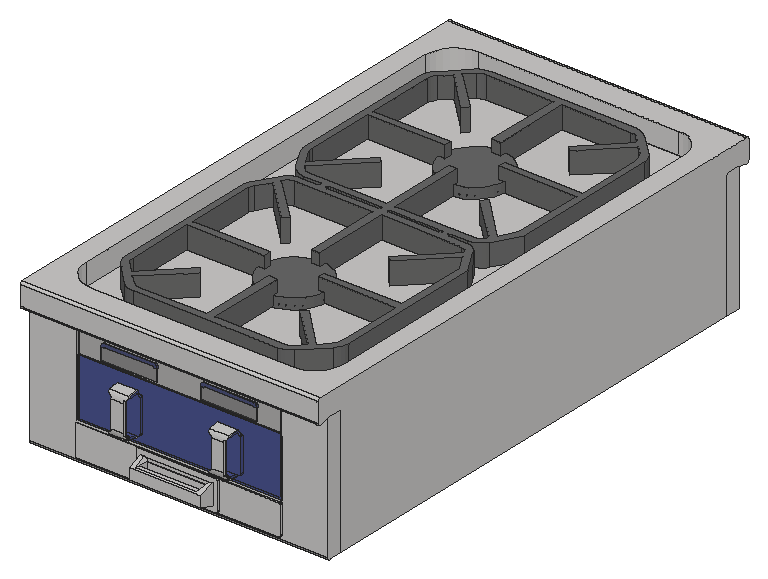
Revit family "QF_ELECTROLUXPROFESSIONAL_593310_MCGHABJOVO", category Specialty Equipment, Revit 2018
Family settings
  Round Connector Dimension = Use Diameter
  Part Type = Normal
  Work Plane-Based = No
  Always vertical = Yes
  Cut with Voids When Loaded = No
  Shared = No
  Room Calculation Point = No
Parameters (values of type "Standard")
  Weight = 82.00 kg
  Watts = 0 W
  Volts = 0 V
  URL Manufacturer = "http://professional.electrolux.com"
  URL = "http://professional.electrolux.com"
  Steam Supply Size = 0"
  Steam Supply Minimum Pressure = 0.00 psi
  Steam Supply Maximum Pressure = 0.00 psi
  Steam Pounds per Hour = 0
  Show Clearance [instance] = yes
  Refrigeration Suction Line Size = 0 mm
  Refrigeration Liquid Line Size = 0 mm
  Refrigerant Compressor Remote = yes
  Phase = 0
  Model = "MCGHABJOVO"
  Manufacturer = "Electrolux Professional"
  Length Actual = 1000 mm  # constant formula
  Item Number = "593310"
  Hot Water Size = 0"
  Height Actual = 250 mm  # constant formula
  HP = "0 HP"
  Gas Size = 1/2"
  Gas KW = 34
  Gas Input Pressure = 3.27142 Btu/h
  Direct Waste Size = 0"
  Description = "GAS TOP,4B,TOWNGAS,1S,BS,1000X900X250H"
  Depth Actual = 900 mm  # constant formula
  Cycle = 0 Hz
  Condensate Return Size = 0"
  Compressed Air Volume = 0 GPM
  Compressed Air Size = 0"
  Compressed Air Pressure = 0.00 psi
  Cold Water Size = 0"
  Back Panel [instance] = yes
  Accessory = yes
Reference planes
  plane 1 "BACK": y = 0
  plane 2: z = 0
  plane 3 "LEFT": x = 0
  plane 4 "RIGHT": x = 500
  plane 5 "FRONT": y = -900
  plane 6 "TOP": z = 250
  plane 7: x = 250
  plane 8: y = -450
  plane 9: z = 370
  plane 10: x = 465
  plane 11: y = -60.425
  plane 12: y = -1330
Forms (mm)
  Extrusion 1, solid, material "QF_Finishes_Stainless Steel"
    sketch origin (0, -487.128, 0) x (0, 1, 0) y (0, 0, 1)
      loop
        line (483.128, 250) -> (-408.872, 250)
        arc (-408.872, 250) -> (-411.7, 248.828) -> (-412.872, 246) r 4
        line (-412.872, 246) -> (-412.872, 214)
        arc (-412.872, 214) -> (-411.437, 210.931) -> (-408.161, 210.064) r 4
        line (-408.161, 210.064) -> (-392.872, 213) -> (-367.872, 213) -> (-367.872, 0) -> (441.714, 0) -> (441.714, 213) -> (465.765, 213) -> (482.433, 210.061)
        arc (482.433, 210.061) -> (485.699, 210.936) -> (487.128, 214) r 4
        line (487.128, 214) -> (487.128, 246)
        arc (487.128, 246) -> (485.956, 248.828) -> (483.128, 250) r 4
    from 0 to 500
  Extrusion 2, solid, material "QF_Finishes_Stainless Steel", visible <- "Back Panel"
    sketch origin (0, 0.586, 0) x (0, 1, 0) y (0, 0, 1)
      loop
        line (-46, 0) -> (-21, 0) -> (-21, 212.833) -> (-21.949, 213) -> (-46, 213) -> (-46, 0)
    from 0 to 500
  Extrusion 3, void
    sketch origin (653.786, 44.048, 250) x (1, 0, 0) y (0, -1, 0)
      loop
        line (-570.234, 89.462) -> (-235.321, 89.462)
        arc (-235.321, 89.462) -> (-200.694, 103.805) -> (-186.351, 138.432) r 48.97
        line (-186.351, 138.432) -> (-186.351, 850.078)
        arc (-186.351, 850.078) -> (-200.694, 884.705) -> (-235.321, 899.048) r 48.97
        line (-235.321, 899.048) -> (-570.234, 899.048)
        arc (-570.234, 899.048) -> (-605.59, 884.403) -> (-620.234, 849.048) r 50
        line (-620.234, 849.048) -> (-620.234, 139.462)
        arc (-620.234, 139.462) -> (-605.59, 104.107) -> (-570.234, 89.462) r 50
    from 0 to 37
  Extrusion 4, solid, material "QF_Finishes_Stainless Steel"
    sketch origin (10, -759, 0) x (1, 0, 0) y (0, -1, 0)
      loop
        circle (455, -169) r 6.35
    from 0 to 3.2
  Extrusion 5, solid, material "QF_Door-Drawer Clearances", visible <- "Show Clearance", detail levels coarse
    sketch origin (-178.969, -4572, 0) x (-1, 0, 0) y (0, -1, 0)
      loop
        line (-257.364, -3689.407) -> (-257.364, -3242) -> (-601.364, -3242) -> (-601.364, -3689.407) -> (-257.364, -3689.407)
    from 8.012 to 59.392
Cuts and joins
  Extrusion 3 cuts Extrusion 1
Lines and regions (mm)
  symbolic lines
    curve 1: line (0, 0, 0) -> (500, 0, 0)
    curve 2: line (0, -900, 0) -> (0, 0, 0)
    curve 3: line (500, -900, 0) -> (0, -900, 0)
    curve 4: line (500, 0, 0) -> (500, -900, 0)
    curve 5: arc (83.552, -855, 0) -> (48.197, -840.355, 0) -> (33.552, -805, 0) r 50
    curve 6: line (33.552, -805, 0) -> (33.552, -95.414, 0)
    curve 7: arc (33.552, -95.414, 0) -> (48.197, -60.059, 0) -> (83.552, -45.414, 0) r 50
    curve 8: line (83.552, -45.414, 0) -> (418.465, -45.414, 0)
    curve 9: arc (418.465, -45.414, 0) -> (453.092, -59.757, 0) -> (467.435, -94.384, 0) r 48.97
    curve 10: line (467.435, -94.384, 0) -> (467.435, -806.03, 0)
    curve 11: arc (467.435, -806.03, 0) -> (453.092, -840.657, 0) -> (418.465, -855, 0) r 48.97
    curve 12: line (418.465, -855, 0) -> (83.552, -855, 0)
  symbolic lines, style "QF_Door-Drawer Clearances"
    curve 13: line (78.395, -900, 0) -> (78.395, -1330, 0)
    curve 14: line (78.395, -1330, 0) -> (422.395, -1330, 0)
    curve 15: line (422.395, -1330, 0) -> (422.395, -900, 0)
Dimensions and locks
  plane 3 "LEFT" to plane 4 "RIGHT" = 500 mm
  plane 5 "FRONT" to plane 1 "BACK" = 900 mm
  equal spacing: plane 3 "LEFT", plane 7, plane 4 "RIGHT"
  equal spacing: plane 5 "FRONT", plane 8, plane 1 "BACK"
  plane 6 "TOP" to level = 250 mm  (x2)
  plane 1 "BACK" to plane 5 "FRONT" = 900 mm
  Extrusion 4 sketch curve to plane 1 "BACK" = 590 mm
  Extrusion 4 sketch curve to plane 4 "RIGHT" = 35 mm
  plane 1 "BACK" to Extrusion 4 = 590 mm
  plane 10 to plane 4 "RIGHT" = 35 mm
  plane 5 "FRONT" to plane 12 = 430 mm
  aligned and locked: level to plane 2
  aligned and locked: plane 7 to nested 1
  aligned and locked: Extrusion 1 to plane 4 "RIGHT"
Automatic sketch dimensions
  Extrusion 1 sketch curve to plane 5 "FRONT" = 0 mm
  Extrusion 1 sketch curve to plane 6 "TOP" = 0 mm
  Extrusion 1 sketch curve to level = 0 mm
  Extrusion 1 sketch curve to plane 1 "BACK" = 0 mm
  Extrusion 1 sketch curve to plane 6 "TOP" = 37 mm  (x2)
  Extrusion 1 sketch curve to plane 5 "FRONT" = 4 mm
  Extrusion 1 sketch curve to plane 5 "FRONT" = 20 mm
  Extrusion 1 sketch curve to plane 5 "FRONT" = 45 mm
  plane 1 "BACK" to Extrusion 1 sketch curve = 21.363 mm
  plane 1 "BACK" to Extrusion 1 sketch curve = 4 mm  (x2)
  Extrusion 1 sketch curve to Extrusion 1 sketch curve = 4 mm
  Extrusion 1 sketch curve to Extrusion 1 sketch curve = 0.711 mm
  plane 1 "BACK" to Extrusion 1 sketch curve = 4.695 mm
  Extrusion 1 sketch curve to Extrusion 1 sketch curve = 0 mm  (x2)
  Extrusion 1 sketch curve to Extrusion 1 sketch curve = 1 mm  (x2)
  plane 1 "BACK" to Extrusion 1 sketch curve = 45.414 mm
  plane 1 "BACK" to curve 1 = 0 mm
  curve 1 to plane 4 "RIGHT" = 0 mm
  curve 2 to plane 3 "LEFT" = 0 mm
  plane 5 "FRONT" to curve 2 = 0 mm
  Extrusion 3 sketch curve to Extrusion 3 sketch curve = 50 mm  (x2)
  Extrusion 1 to Extrusion 3 sketch curve = 81.535 mm  (x2)
  Extrusion 1 to Extrusion 3 sketch curve = 41 mm
  Extrusion 1 to Extrusion 3 sketch curve = 32.565 mm
  Extrusion 1 to Extrusion 3 sketch curve = 33.552 mm
  Extrusion 1 to Extrusion 3 sketch curve = 91.414 mm
  Extrusion 2 sketch curve to level = 0 mm
  plane 11 to Extrusion 2 sketch curve = 15.012 mm
  Extrusion 2 sketch curve to plane 6 "TOP" = 37.167 mm
  Extrusion 2 sketch curve to Extrusion 2 sketch curve = 0.949 mm
  plane 1 "BACK" to Extrusion 2 sketch curve = 20.414 mm
  Extrusion 2 sketch curve to plane 6 "TOP" = 37 mm
  curve 10 to plane 10 = 2.435 mm
  plane 11 to curve 8 = 15.012 mm
  plane 10 to curve 8 = 46.535 mm
  plane 3 "LEFT" to curve 8 = 83.552 mm
  plane 3 "LEFT" to curve 6 = 33.552 mm
  curve 6 to plane 5 "FRONT" = 95 mm
  plane 10 to curve 12 = 46.535 mm
  curve 10 to plane 5 "FRONT" = 93.97 mm
  Extrusion 5 sketch curve to plane 5 "FRONT" = 17.407 mm
  plane 7 to Extrusion 5 sketch curve = 172.395 mm
  plane 3 "LEFT" to Extrusion 5 sketch curve = 78.395 mm
  plane 5 "FRONT" to Extrusion 5 sketch curve = 430 mm
  curve 13 to plane 12 = 0 mm
  plane 3 "LEFT" to curve 13 = 78.395 mm
  plane 10 to curve 14 = 42.605 mm
  curve 13 to plane 5 "FRONT" = 0 mm
  curve 15 to plane 5 "FRONT" = 0 mm
  radius of Extrusion 4 sketch curve = 6.35 mm
Nested families
  nested 1: "EG_900_500_Double Range Control Handle Front Panel" at (202.376, -855, -650), type "EG_900_500_Double Range Control Handle Front Panel"
  nested 2: "OBT_900_Open Burner" at (250, -450.207, -649.319), type "OBT_900_Open Burner"
Connectors
  piping at (465, -590, -3.2), diameter 12.8
    settings: on Extrusion 4, index 1, connector inside diameter 0.50394", connector length 0 mm, flow factor 0, pipe flow 0 GPM, pressure drop 0.00 psi, fitting loss kfactor 0, connector angle 0.00°, fixture units 0, engagement length 0 mm, angle of deflection 0.00°, flow configuration 1, flow direction 1, fitting loss method 0, system type 7, joint type 0, gender type 0, connector reference index -1, connector utility 0, adjustable connector no, is connector primary yes, connector description "GAS CONNECTION"
Definition of nested family "EG_900_500_Double Range Control Handle Front Panel"
  Reference planes
    plane 1 "Center (Front/Back)": y = 0
    plane 2: z = 0
    plane 3 "Center (Left/Right)": x = 47.624
    plane 4: x = -202.376
    plane 5: x = 297.624
    plane 6: y = -45
  Forms (mm)
    Extrusion 1, solid
      sketch origin (833.217, 829.203, -1.25) x (0, 1, 0) y (0, 0, 1)
        loop
          arc (-854.203, 654.25) -> (-853.324, 652.129) -> (-851.203, 651.25) r 3
          line (-851.203, 651.25) -> (-829.203, 651.25) -> (-829.203, 864.25) -> (-854.203, 864.25) -> (-854.203, 654.25)
      from -1035.593 to -535.593
    Extrusion 2, void
      sketch origin (33.217, 829.203, -1.25) x (1, 0, 0) y (0, 0, 1)
        loop
          line (-157.593, 855.116) -> (-157.593, 713.116) -> (186.407, 713.116) -> (186.407, 855.116) -> (-157.593, 855.116)
      from 848.59 to 854.203
  Cuts and joins
    Extrusion 2 cuts Extrusion 1
  Dimensions and locks
    equal spacing: plane 5, plane 3 "Center (Left/Right)", plane 4
    plane 5 to plane 4 = 500 mm
    equal spacing: nested 3, nested 2, nested 1
    aligned and locked: cut or joined group of Extrusion 1, Extrusion 2 to plane 4
    aligned and locked: plane 5 to cut or joined group of Extrusion 1, Extrusion 2
    aligned and locked: plane 3 "Center (Left/Right)" to nested 2
    aligned and locked: cut or joined group of Extrusion 1, Extrusion 2 to nested 2
  Automatic sketch dimensions
    Extrusion 1 sketch curve to plane 1 "Center (Front/Back)" = 0 mm
    plane 1 "Center (Front/Back)" to Extrusion 1 sketch curve = 22 mm
    Extrusion 1 sketch curve to Extrusion 1 sketch curve = 3 mm
    level to Extrusion 1 sketch curve = 650 mm
    Extrusion 1 sketch curve to Extrusion 1 sketch curve = 210 mm
    plane 4 to Extrusion 2 sketch curve = 78 mm
    Extrusion 2 sketch curve to plane 5 = 78 mm
    level to Extrusion 2 sketch curve = 711.866 mm
    Extrusion 2 sketch curve to Extrusion 2 sketch curve = 142 mm
  Nested families
    nested 1: "Range Control Handle" at (-36.126, -28.137, -209.113) x (-1, 0, 0) z (0, 0, 1), type "Range Control Handle"
    nested 2: "glass conrol panel" at (47.624, 280.644, 2.752), type "glass conrol panel"
    nested 3: "Range Control Handle" at (131.374, -28.137, -209.113), type "Range Control Handle"
    nested 4: "grease trap door" at (-19.975, -25, 0), type "grease trap door"
  Definition of nested family "Range Control Handle"
    Reference planes
      plane 1 "Center (Front/Back)": y = 0
      plane 2: z = 0
      plane 3 "Center (Left/Right)": x = 0
      plane 4: z = 971.092
      plane 5: y = -16.9
    Forms (mm)
      Extrusion 1, solid
        sketch origin (-746.28, 380.497, 208.931) x (-1, 0, 0) y (0, 0, 1)
          loop
            line (-770.101, 786.798) -> (-770.101, 731.649)
            arc (-770.101, 731.649) -> (-769.759, 730.563) -> (-768.855, 729.87) r 1.893
            line (-768.855, 729.87) -> (-763.474, 727.911) -> (-729.81, 727.911) -> (-724.428, 729.87)
            arc (-724.428, 729.87) -> (-723.525, 730.563) -> (-723.183, 731.649) r 1.893
            line (-723.183, 731.649) -> (-723.183, 786.798)
            arc (-723.183, 786.798) -> (-723.529, 787.894) -> (-724.44, 788.593) r 1.91
            line (-724.44, 788.593) -> (-729.683, 790.819) -> (-763.601, 790.819) -> (-768.844, 788.593)
            arc (-768.844, 788.593) -> (-769.755, 787.894) -> (-770.101, 786.798) r 1.91
        from -382.35 to -378.852
      Sweep 2, solid
        path origin (-746.788, 380.496, 208.091) x (0, -1, 0) y (0, 0, 1)
          loop
            line (379.775, 793.281) -> (395.661, 791.048)
            arc (395.661, 791.048) -> (397.781, 787.377) -> (398.517, 783.202) r 12.207
            line (398.517, 783.202) -> (398.517, 737.368)
            arc (398.517, 737.368) -> (397.781, 733.193) -> (395.661, 729.522) r 12.207
            line (395.661, 729.522) -> (379.775, 727.289)
        profile origin (-746.788, -7.222, 1000.256) x (0, -0.139173, 0.990268) y (-1, 0, 0)
          loop
            line (0.782, -763.123) -> (0.782, -730.907) -> (-1.322, -730.907) -> (-1.322, -763.123) -> (0.782, -763.123)
      Sweep 3, solid
        path origin (-746.788, 380.715, 207.832) x (0, -1, 0) y (0, 0, 1)
          loop
            line (380.478, 795.442) -> (397.218, 793.09)
            arc (397.218, 793.09) -> (399.929, 788.473) -> (400.871, 783.202) r 15.207
            line (400.871, 783.202) -> (400.871, 737.584)
            arc (400.871, 737.584) -> (399.914, 732.274) -> (397.164, 727.633) r 15.207
            line (397.164, 727.633) -> (380.601, 725.305)
        profile origin (-746.788, -8.132, 1002.099) x (0, -0.139173, 0.990268) y (-1, 0, 0)
          loop
            line (0.782, -763.123) -> (0.782, -730.907) -> (-1.322, -730.907) -> (-1.322, -763.123) -> (0.782, -763.123)
      Extrusion 4, void
        sketch origin (889.253, 220.666, 207.993) x (1, 0, 0) y (0, 0, 1)
          loop
            line (-943.038, 816.854) -> (-943.038, 703.686) -> (-899.466, 734.196) -> (-899.466, 786.344) -> (-943.038, 816.854)
        from 230.636 to 242.25
      Extrusion 5, void
        sketch origin (-888.8, 220.666, 207.993) x (-1, 0, 0) y (0, 0, -1)
          loop
            line (-943.038, -816.854) -> (-899.466, -786.344) -> (-899.466, -734.196) -> (-943.038, -703.686) -> (-943.038, -816.854)
        from 230.636 to 242.25
      Extrusion 6, solid
        sketch origin (0, 0, 0) x (1, 0, 0) y (0, 0, 1)
          loop
            circle (0, 971.092) r 7.736
        from -3.137 to -1.645
    Cuts and joins
      Extrusion 4, Extrusion 5 cuts Sweep 3
      Extrusion 4, Extrusion 5 cuts Sweep 2
      joined: Extrusion 1, Extrusion 6
    Lines and regions (mm)
      symbolic lines
        curve 1: line (16.334, -16.9, 0) -> (16.334, -19.227, 0)
        curve 2: spline (16.334, -19.227, 0) -> (15.87, -19.385, 0) -> (15.404, -19.536, 0) -> (14.936, -19.678, 0) -> (14.466, -19.813, 0) -> (13.995, -19.94, 0) -> (13.523, -20.059, 0) -> (13.049, -20.171, 0) -> (12.575, -20.274, 0) -> (12.099, -20.37, 0) -> (11.622, -20.458, 0) -> (11.144, -20.537, 0) -> (10.666, -20.609, 0)
        curve 3: line (10.666, -16.9, 0) -> (10.666, -20.938, 0)
        curve 4: line (-10.213, -20.938, 0) -> (10.666, -20.938, 0)
        curve 5: line (-10.213, -20.938, 0) -> (-10.213, -16.9, 0)
        curve 6: spline (-10.213, -20.609, 0) -> (-10.691, -20.537, 0) -> (-11.169, -20.458, 0) -> (-11.646, -20.37, 0) -> (-12.122, -20.274, 0) -> (-12.597, -20.171, 0) -> (-13.07, -20.059, 0) -> (-13.542, -19.94, 0) -> (-14.013, -19.813, 0) -> (-14.483, -19.678, 0) -> (-14.951, -19.536, 0) -> (-15.417, -19.385, 0) -> (-15.881, -19.227, 0)
        curve 7: line (-15.881, -19.227, 0) -> (-15.881, -16.9, 0)
  Definition of nested family "glass conrol panel"
    Reference planes
      plane 1 "Center (Front/Back)": y = 0
      plane 2: z = 0
      plane 3 "Center (Left/Right)": x = 0
    Forms (mm)
      Extrusion 1, solid
        sketch origin (378.286, 0, 0.617) x (1, 0, 0) y (0, 0, 1)
          loop
            line (-550.286, 806.791) -> (-550.286, 708.497) -> (-206.286, 708.497) -> (-206.286, 806.791) -> (-550.286, 806.791)
        from 300.031 to 304.8
      Extrusion 2, solid
        sketch origin (378.286, 0, 0.617) x (1, 0, 0) y (0, 0, 1)
          loop
            line (-550.286, 850.497) -> (-550.286, 806.791) -> (-206.286, 806.791) -> (-206.286, 850.497) -> (-550.286, 850.497)
        from 300.031 to 304.8
      Extrusion 3, void
        sketch origin (378.286, 0, 0.617) x (1, 0, 0) y (0, 0, 1)
          loop
            line (-547.628, 847.565) -> (-547.628, 710.699) -> (-209.196, 710.699) -> (-209.196, 847.565) -> (-547.628, 847.565)
        from 303.697 to 304.8
      Extrusion 4, solid
        sketch origin (-392.059, 1.101, -0.633) x (-1, 0, 0) y (0, 0, -1)
          loop
            line (-261.431, -812.62) -> (-355.186, -812.62) -> (-355.186, -834.177) -> (-350.269, -834.177) -> (-348.469, -835.977) -> (-268.039, -835.977) -> (-266.24, -834.177) -> (-261.431, -834.177) -> (-261.431, -812.62)
        from 304.798 to 306.745
      Extrusion 5, solid
        sketch origin (-392.059, 1.101, -0.633) x (-1, 0, 0) y (0, 0, -1)
          loop
            line (-350.269, -834.177) -> (-355.078, -834.177)
            arc (-355.078, -834.177) -> (-353.942, -838.747) -> (-349.686, -840.763) r 5.5
            line (-349.686, -840.763) -> (-266.98, -840.763)
            arc (-266.98, -840.763) -> (-262.706, -838.752) -> (-261.529, -834.177) r 5.549
            line (-261.529, -834.177) -> (-266.24, -834.177) -> (-268.039, -835.977) -> (-348.469, -835.977) -> (-350.269, -834.177)
        from 304.798 to 306.745
      Extrusion 6, solid
        sketch origin (392.059, 1.101, -0.633) x (1, 0, 0) y (0, 0, 1)
          loop
            line (-261.431, 812.62) -> (-261.431, 834.177) -> (-266.24, 834.177) -> (-268.039, 835.977) -> (-348.469, 835.977) -> (-350.269, 834.177) -> (-355.186, 834.177) -> (-355.186, 812.62) -> (-261.431, 812.62)
        from 304.798 to 306.745
      Extrusion 7, solid
        sketch origin (392.059, 1.101, -0.633) x (1, 0, 0) y (0, 0, 1)
          loop
            line (-350.269, 834.177) -> (-348.469, 835.977) -> (-268.039, 835.977) -> (-266.24, 834.177) -> (-261.529, 834.177)
            arc (-261.529, 834.177) -> (-262.706, 838.752) -> (-266.98, 840.763) r 5.549
            line (-266.98, 840.763) -> (-349.686, 840.763)
            arc (-349.686, 840.763) -> (-353.942, 838.747) -> (-355.078, 834.177) r 5.5
            line (-355.078, 834.177) -> (-350.269, 834.177)
        from 304.798 to 306.745
    Cuts and joins
      Extrusion 3 cuts Extrusion 1
      Extrusion 3 cuts Extrusion 2
    Dimensions and locks
      aligned and locked: Extrusion 1 to Extrusion 2
      aligned and locked: Extrusion 5 sketch curve to Extrusion 4  (x5)
      aligned and locked: Extrusion 5 to Extrusion 4
      aligned and locked: Extrusion 7 sketch curve to Extrusion 6  (x4)
      aligned and locked: Extrusion 6 to Extrusion 7 sketch curve
      aligned and locked: Extrusion 7 to Extrusion 6
  Definition of nested family "grease trap door"
    Reference planes
      plane 1 "Center (Front/Back)": y = 0
      plane 2: z = 0
      plane 3 "Center (Left/Right)": x = 0
      plane 4: y = -20
    Forms (mm)
      Extrusion 1, solid
        sketch origin (1627.55, 854.203, -1.25) x (1, 0, 0) y (0, 0, 1)
          loop
            arc (-1627.55, 661.235) -> (-1626.972, 659.84) -> (-1625.577, 659.262) r 1.973
            line (-1625.577, 659.262) -> (-1494.325, 659.262)
            arc (-1494.325, 659.262) -> (-1492.156, 660.16) -> (-1491.258, 662.329) r 3.067
            line (-1491.258, 662.329) -> (-1491.258, 708.803)
            arc (-1491.258, 708.803) -> (-1492.414, 710.143) -> (-1494.111, 710.642) r 3.133
            line (-1494.111, 710.642) -> (-1625.486, 710.642)
            arc (-1625.486, 710.642) -> (-1626.945, 710.038) -> (-1627.55, 708.579) r 2.063
            line (-1627.55, 708.579) -> (-1627.55, 661.235)
        from 856.795 to 859.203
      Extrusion 2, solid
        sketch origin (445.874, 2476.61, 0) x (0, 1, 0) y (0, 0, 1)
          loop
            line (-2506.377, 675.273) -> (-2481.61, 667.505) -> (-2481.61, 700.995) -> (-2506.377, 693.227) -> (-2506.377, 675.273)
        from -437.68 to -317.68
      Extrusion 3, void
        sketch origin (1627.55, 854.203, -1.25) x (1, 0, 0) y (0, 0, 1)
          loop
            line (-1614.883, 703) -> (-1610.542, 695.433) -> (-1508.17, 695.433) -> (-1503.828, 703) -> (-1614.883, 703)
          loop
            line (-1614.883, 668) -> (-1502.669, 668) -> (-1507.01, 675.567) -> (-1610.542, 675.567) -> (-1614.883, 668)
        from 832.916 to 883.97
      Extrusion 4, void
        sketch origin (447.55, 854.203, -1.25) x (1, 0, 0) y (0, 0, 1)
          loop
            line (-430.542, 695.433) -> (-430.542, 675.567) -> (-328.17, 675.567) -> (-328.17, 695.433) -> (-430.542, 695.433)
        from 859.203 to 874.202
      Extrusion 5, solid
        sketch origin (1627.55, 854.203, -1.25) x (1, 0, 0) y (0, 0, 1)
          loop
            arc (-1731.556, 661.235) -> (-1730.978, 659.84) -> (-1729.583, 659.262) r 1.973
            line (-1729.583, 659.262) -> (-1390.623, 659.262)
            arc (-1390.623, 659.262) -> (-1388.454, 660.16) -> (-1387.556, 662.329) r 3.067
            line (-1387.556, 662.329) -> (-1387.556, 708.803)
            arc (-1387.556, 708.803) -> (-1388.712, 710.143) -> (-1390.409, 710.642) r 3.133
            line (-1390.409, 710.642) -> (-1729.493, 710.642)
            arc (-1729.493, 710.642) -> (-1730.952, 710.038) -> (-1731.556, 708.579) r 2.063
            line (-1731.556, 708.579) -> (-1731.556, 661.235)
        from 854.203 to 856.795
    Cuts and joins
      Extrusion 3 cuts Extrusion 1
      Extrusion 3, Extrusion 4 cuts Extrusion 2
      joined: Extrusion 1, Extrusion 2
    Lines and regions (mm)
      model lines
        curve 1: line (67.599, 0, 658.012) -> (67.599, 0, 709.392)
      symbolic lines
        curve 2: line (8.194, -20, 0) -> (8.194, -29.767, 0)
        curve 3: line (8.194, -29.767, 0) -> (128.194, -29.767, 0)
        curve 4: line (128.194, -29.767, 0) -> (128.194, -20, 0)
    Dimensions and locks
      aligned and locked: Extrusion 2 to Extrusion 1
      aligned and locked: Extrusion 3 to Extrusion 2
      aligned and locked: Extrusion 4 to Extrusion 1
Definition of nested family "OBT_900_Open Burner"
  Reference planes
    plane 1 "Center (Front/Back)": y = 0
    plane 2: z = 0
    plane 3 "Center (Left/Right)": x = 0
    plane 4: x = -186.448
    plane 5: x = 187.435
    plane 6: y = 374.793
    plane 7: y = -374.793
    plane 8: y = -188.326
  Forms (mm)
    Extrusion 1, solid
      sketch origin (2130.573, 56.896, -679.622) x (1, 0, 0) y (0, 1, 0)
        loop
          line (-2137.44, 306.49) -> (-2250.793, 306.49)
          arc (-2250.793, 306.49) -> (-2257.908, 305.075) -> (-2263.94, 301.044) r 18.593
          line (-2263.94, 301.044) -> (-2276.233, 288.751) -> (-2213.48, 225.998) -> (-2221.6, 217.877) -> (-2284.354, 280.631) -> (-2300.33, 264.654)
          arc (-2300.33, 264.654) -> (-2304.433, 258.337) -> (-2305.614, 250.897) r 18.125
          line (-2305.614, 250.897) -> (-2305.614, 138.422) -> (-2175.79, 138.422) -> (-2175.79, 126.938) -> (-2305.614, 126.938) -> (-2305.614, 10.897)
          arc (-2305.614, 10.897) -> (-2304.981, 6.085) -> (-2303.123, 1.601) r 18.593
          line (-2303.123, 1.601) -> (-2290.078, -20.994) -> (-2221.6, 47.483) -> (-2213.48, 39.363) -> (-2284.012, -31.169)
          arc (-2284.012, -31.169) -> (-2278.546, -38.527) -> (-2270.23, -42.379) r 18.593
          line (-2270.23, -42.379) -> (-2137.44, -42.379) -> (-2137.44, 87.464) -> (-2123.707, 87.464) -> (-2123.707, -42.379) -> (-1989.813, -42.379)
          arc (-1989.813, -42.379) -> (-1981.496, -38.527) -> (-1976.031, -31.169) r 18.593
          line (-1976.031, -31.169) -> (-2047.115, 39.915) -> (-2038.994, 48.035) -> (-1969.962, -20.997) -> (-1954.428, 5.916) -> (-1954.428, 126.938) -> (-2085.357, 126.938) -> (-2085.357, 138.422) -> (-1954.428, 138.422) -> (-1954.428, 247.888)
          arc (-1954.428, 247.888) -> (-1956.538, 258.496) -> (-1962.547, 267.489) r 27.72
          line (-1962.547, 267.489) -> (-1975.689, 280.631) -> (-2038.994, 217.325) -> (-2047.115, 225.446) -> (-1983.809, 288.751) -> (-1996.102, 301.044)
          arc (-1996.102, 301.044) -> (-2002.134, 305.075) -> (-2009.25, 306.49) r 18.593
          line (-2009.25, 306.49) -> (-2123.707, 306.49) -> (-2123.707, 177.897) -> (-2137.44, 177.897) -> (-2137.44, 306.49)
        loop
          arc (-2317.021, 10.897) -> (-2315.999, 3.132) -> (-2313.002, -4.103) r 30
          line (-2313.002, -4.103) -> (-2292.795, -39.103)
          arc (-2292.795, -39.103) -> (-2281.814, -50.084) -> (-2266.814, -54.103) r 30
          line (-2266.814, -54.103) -> (-2239.287, -54.103)
          arc (-2239.287, -54.103) -> (-2238.243, -56) -> (-2236.272, -56.896) r 3.438
          arc (-2236.272, -56.896) -> (-2238.243, -57.792) -> (-2239.287, -59.689) r 3.438
          line (-2239.287, -59.689) -> (-2266.814, -59.689)
          arc (-2266.814, -59.689) -> (-2281.814, -63.708) -> (-2292.795, -74.689) r 30
          line (-2292.795, -74.689) -> (-2313.002, -109.689)
          arc (-2313.002, -109.689) -> (-2315.999, -116.924) -> (-2317.021, -124.689) r 30
          line (-2317.021, -124.689) -> (-2317.021, -365.461)
          arc (-2317.021, -365.461) -> (-2314.738, -376.941) -> (-2308.234, -386.674) r 30
          line (-2308.234, -386.674) -> (-2271.975, -422.933)
          arc (-2271.975, -422.933) -> (-2262.253, -429.414) -> (-2250.793, -431.689) r 30
          line (-2250.793, -431.689) -> (-2009.25, -431.689)
          arc (-2009.25, -431.689) -> (-1997.786, -429.412) -> (-1988.062, -422.928) r 30
          line (-1988.062, -422.928) -> (-1951.808, -386.674)
          arc (-1951.808, -386.674) -> (-1945.305, -376.941) -> (-1942.982, -365.461) r 30
          line (-1942.982, -365.461) -> (-1942.982, -116.719) -> (-1967.248, -74.689)
          arc (-1967.248, -74.689) -> (-1978.229, -63.708) -> (-1993.229, -59.689) r 30
          line (-1993.229, -59.689) -> (-2020.319, -59.689)
          arc (-2020.319, -59.689) -> (-2021.979, -57.759) -> (-2024.375, -56.896) r 5
          arc (-2024.375, -56.896) -> (-2021.979, -56.033) -> (-2020.319, -54.103) r 5
          line (-2020.319, -54.103) -> (-1993.229, -54.103)
          arc (-1993.229, -54.103) -> (-1978.229, -50.084) -> (-1967.248, -39.103) r 30
          line (-1967.248, -39.103) -> (-1943.138, 2.656) -> (-1943.138, 254.314)
          arc (-1943.138, 254.314) -> (-1945.839, 264.361) -> (-1951.808, 272.882) r 30
          line (-1951.808, 272.882) -> (-1988.062, 309.136)
          arc (-1988.062, 309.136) -> (-1997.786, 315.62) -> (-2009.25, 317.897) r 30
          line (-2009.25, 317.897) -> (-2250.793, 317.897)
          arc (-2250.793, 317.897) -> (-2262.253, 315.622) -> (-2271.975, 309.141) r 30
          line (-2271.975, 309.141) -> (-2308.234, 272.882)
          arc (-2308.234, 272.882) -> (-2314.738, 263.149) -> (-2317.021, 251.669) r 30
          line (-2317.021, 251.669) -> (-2317.021, 10.897)
        loop
          arc (-2122.397, -54.103) -> (-2124.057, -56.033) -> (-2126.452, -56.896) r 5
          arc (-2126.452, -56.896) -> (-2124.057, -57.759) -> (-2122.397, -59.689) r 5
          line (-2122.397, -59.689) -> (-2035.829, -59.689)
          arc (-2035.829, -59.689) -> (-2034.784, -57.792) -> (-2032.813, -56.896) r 3.438
          arc (-2032.813, -56.896) -> (-2034.784, -56) -> (-2035.829, -54.103) r 3.438
          line (-2035.829, -54.103) -> (-2122.397, -54.103)
        loop
          arc (-2223.778, -54.103) -> (-2225.438, -56.033) -> (-2227.833, -56.896) r 5
          arc (-2227.833, -56.896) -> (-2225.438, -57.759) -> (-2223.778, -59.689) r 5
          line (-2223.778, -59.689) -> (-2137.906, -59.689)
          arc (-2137.906, -59.689) -> (-2136.862, -57.792) -> (-2134.891, -56.896) r 3.438
          arc (-2134.891, -56.896) -> (-2136.862, -56) -> (-2137.906, -54.103) r 3.438
          line (-2137.906, -54.103) -> (-2223.778, -54.103)
        loop
          line (-2137.44, -420.282) -> (-2137.44, -290.439) -> (-2123.707, -290.439) -> (-2123.707, -420.282) -> (-2009.25, -420.282)
          arc (-2009.25, -420.282) -> (-2002.134, -418.867) -> (-1996.102, -414.836) r 18.593
          line (-1996.102, -414.836) -> (-1983.184, -401.918) -> (-2047.115, -337.988) -> (-2038.994, -329.867) -> (-1975.064, -393.798) -> (-1962.547, -381.281)
          arc (-1962.547, -381.281) -> (-1956.538, -372.288) -> (-1954.428, -361.68) r 27.72
          line (-1954.428, -361.68) -> (-1954.428, -250.964) -> (-2085.357, -250.964) -> (-2085.357, -239.48) -> (-1954.428, -239.48) -> (-1954.428, -119.708) -> (-1970.42, -92.003) -> (-2038.994, -160.577) -> (-2047.115, -152.457) -> (-1976.413, -81.755)
          arc (-1976.413, -81.755) -> (-1981.868, -74.971) -> (-1989.813, -71.413) r 18.593
          line (-1989.813, -71.413) -> (-2123.707, -71.413) -> (-2123.707, -200.006) -> (-2137.44, -200.006) -> (-2137.44, -71.413) -> (-2270.23, -71.413)
          arc (-2270.23, -71.413) -> (-2278.175, -74.971) -> (-2283.629, -81.755) r 18.593
          line (-2283.629, -81.755) -> (-2213.48, -151.905) -> (-2221.6, -160.025) -> (-2289.62, -92.005) -> (-2303.123, -115.393)
          arc (-2303.123, -115.393) -> (-2304.981, -119.877) -> (-2305.614, -124.689) r 18.593
          line (-2305.614, -124.689) -> (-2305.614, -239.48) -> (-2175.79, -239.48) -> (-2175.79, -250.964) -> (-2305.614, -250.964) -> (-2305.614, -364.689)
          arc (-2305.614, -364.689) -> (-2304.433, -372.129) -> (-2300.33, -378.446) r 18.125
          line (-2300.33, -378.446) -> (-2284.979, -393.798) -> (-2221.6, -330.419) -> (-2213.48, -338.54) -> (-2276.858, -401.918) -> (-2263.94, -414.836)
          arc (-2263.94, -414.836) -> (-2257.908, -418.867) -> (-2250.793, -420.282) r 18.593
          line (-2250.793, -420.282) -> (-2137.44, -420.282)
      from 1542.072 to 1578.941
    Extrusion 2, solid
      sketch origin (2130.573, 61.122, 0) x (1, 0, 0) y (0, 1, 0)
        loop
          circle (-2130.573, -249.448) r 55
        loop
          circle (-2130.573, 128.455) r 55
      from 862.45 to 879.837
    Extrusion 3, void
      sketch origin (-124.371, -355.785, -22.784) x (-0.587785, -0.809017, 0) y (0, 0, 1)
        loop
          circle (-213.495, 891.283) r 1
      from -67.69 to -35.114
    Extrusion 4, void
      sketch origin (-89.903, -376.417, -22.784) x (-0.422618, -0.906308, 0) y (0, 0, 1)
        loop
          circle (-213.495, 891.283) r 1
      from -74.826 to -35.114
    Extrusion 5, void
      sketch origin (-52.131, -390.093, -22.784) x (-0.241922, -0.970296, 0) y (0, 0, 1)
        loop
          circle (-213.495, 891.283) r 1
      from -67.69 to -35.114
    Extrusion 6, void
      sketch origin (27.702, -394.842, -22.784) x (0.139173, -0.990268, 0) y (0, 0, 1)
        loop
          circle (-213.495, 891.283) r 1
      from -67.69 to -35.114
    Extrusion 7, void
      sketch origin (66.829, -385.74, -22.784) x (0.325568, -0.945519, 0) y (0, 0, 1)
        loop
          circle (-213.495, 891.283) r 1
      from -67.69 to -35.114
    Extrusion 8, void
      sketch origin (103.5, -369.339, -22.784) x (0.5, -0.866025, 0) y (0, 0, 1)
        loop
          circle (-213.495, 891.283) r 1
      from -67.69 to -35.114
    Extrusion 9, void
      sketch origin (136.368, -346.242, -22.784) x (0.656059, -0.75471, 0) y (0, 0, 1)
        loop
          circle (-213.495, 891.283) r 1
      from -67.69 to -35.114
    Extrusion 10, void
      sketch origin (164.225, -317.298, -22.784) x (0.788011, -0.615661, 0) y (0, 0, 1)
        loop
          circle (-213.495, 891.283) r 1
      from -67.69 to -35.114
    Extrusion 11, void
      sketch origin (186.048, -283.571, -22.784) x (0.891007, -0.45399, 0) y (0, 0, 1)
        loop
          circle (-213.495, 891.283) r 1
      from -67.69 to -35.114
    Extrusion 12, void
      sketch origin (201.034, -246.299, -22.784) x (0.961262, -0.275637, 0) y (0, 0, 1)
        loop
          circle (-213.495, 891.283) r 1
      from -67.69 to -35.114
    Extrusion 13, void
      sketch origin (208.566, -166.681, -22.784) x (0.994522, 0.104528, 0) y (0, 0, 1)
        loop
          circle (-213.495, 891.283) r 1
      from -67.69 to -35.114
    Extrusion 14, void
      sketch origin (200.835, -127.26, -22.784) x (0.956305, 0.292372, 0) y (0, 0, 1)
        loop
          circle (-213.495, 891.283) r 1
      from -67.69 to -35.114
    Extrusion 15, void
      sketch origin (185.724, -90.039, -22.784) x (0.882948, 0.469472, 0) y (0, 0, 1)
        loop
          circle (-213.495, 891.283) r 1
      from -67.69 to -35.114
    Extrusion 16, void
      sketch origin (163.788, -56.385, -22.784) x (0.777146, 0.62932, 0) y (0, 0, 1)
        loop
          circle (-213.495, 891.283) r 1
      from -67.69 to -35.114
    Extrusion 17, void
      sketch origin (135.834, -27.534, -22.784) x (0.642788, 0.766044, 0) y (0, 0, 1)
        loop
          circle (-213.495, 891.283) r 1
      from -67.69 to -35.114
    Extrusion 18, void
      sketch origin (102.889, -4.548, -22.784) x (0.48481, 0.87462, 0) y (0, 0, 1)
        loop
          circle (-213.495, 891.283) r 1
      from -67.69 to -35.114
    Extrusion 19, void
      sketch origin (66.163, 11.73, -22.784) x (0.309017, 0.951057, 0) y (0, 0, 1)
        loop
          circle (-213.495, 891.283) r 1
      from -67.69 to -35.114
    Extrusion 20, void
      sketch origin (-52.811, 15.685, -22.784) x (-0.258819, 0.965926, 0) y (0, 0, 1)
        loop
          circle (-213.495, 891.283) r 1
      from -67.69 to -35.114
    Extrusion 21, void
      sketch origin (-90.537, 1.882, -22.784) x (-0.438371, 0.898794, 0) y (0, 0, 1)
        loop
          circle (-213.495, 891.283) r 1
      from -67.69 to -35.114
    Extrusion 22, void
      sketch origin (-124.936, -18.865, -22.784) x (-0.601815, 0.798636, 0) y (0, 0, 1)
        loop
          circle (-213.495, 891.283) r 1
      from -67.69 to -35.114
    Extrusion 23, void
      sketch origin (-154.744, -45.796, -22.784) x (-0.743145, 0.669131, 0) y (0, 0, 1)
        loop
          circle (-213.495, 891.283) r 1
      from -67.69 to -35.114
    Extrusion 24, void
      sketch origin (-178.866, -77.919, -22.784) x (-0.857167, 0.515038, 0) y (0, 0, 1)
        loop
          circle (-213.495, 891.283) r 1
      from -67.69 to -35.114
    Extrusion 25, void
      sketch origin (-196.416, -114.054, -22.784) x (-0.939693, 0.34202, 0) y (0, 0, 1)
        loop
          circle (-213.495, 891.283) r 1
      from -67.69 to -35.114
    Extrusion 26, void
      sketch origin (-204.521, -232.817, -22.784) x (-0.97437, -0.224951, 0) y (0, 0, 1)
        loop
          circle (-213.495, 891.283) r 1
      from -67.69 to -35.114
    Extrusion 27, void
      sketch origin (-192.043, -271.002, -22.784) x (-0.913545, -0.406737, 0) y (0, 0, 1)
        loop
          circle (-213.495, 891.283) r 1
      from -67.69 to -35.114
    Extrusion 28, void
      sketch origin (-172.509, -306.104, -22.784) x (-0.819152, -0.573576, 0) y (0, 0, 1)
        loop
          circle (-213.495, 891.283) r 1
      from -67.69 to -35.114
    Extrusion 29, void
      sketch origin (-146.635, -336.834, -22.784) x (-0.694658, -0.71934, 0) y (0, 0, 1)
        loop
          circle (-213.495, 891.283) r 1
      from -67.69 to -35.114
    Extrusion 30, void
      sketch origin (-124.371, 22.118, -22.784) x (-0.587785, -0.809017, 0) y (0, 0, 1)
        loop
          circle (-213.495, 891.283) r 1
      from -67.69 to -35.114
    Extrusion 31, void
      sketch origin (-89.903, 1.485, -22.784) x (-0.422618, -0.906308, 0) y (0, 0, 1)
        loop
          circle (-213.495, 891.283) r 1
      from -74.826 to -35.114
    Extrusion 32, void
      sketch origin (-52.131, -12.191, -22.784) x (-0.241922, -0.970296, 0) y (0, 0, 1)
        loop
          circle (-213.495, 891.283) r 1
      from -67.69 to -35.114
    Extrusion 33, void
      sketch origin (27.702, -16.939, -22.784) x (0.139173, -0.990268, 0) y (0, 0, 1)
        loop
          circle (-213.495, 891.283) r 1
      from -67.69 to -35.114
    Extrusion 34, void
      sketch origin (66.829, -7.837, -22.784) x (0.325568, -0.945519, 0) y (0, 0, 1)
        loop
          circle (-213.495, 891.283) r 1
      from -67.69 to -35.114
    Extrusion 35, void
      sketch origin (103.5, 8.564, -22.784) x (0.5, -0.866025, 0) y (0, 0, 1)
        loop
          circle (-213.495, 891.283) r 1
      from -67.69 to -35.114
    Extrusion 36, void
      sketch origin (136.368, 31.66, -22.784) x (0.656059, -0.75471, 0) y (0, 0, 1)
        loop
          circle (-213.495, 891.283) r 1
      from -67.69 to -35.114
    Extrusion 37, void
      sketch origin (164.225, 60.604, -22.784) x (0.788011, -0.615661, 0) y (0, 0, 1)
        loop
          circle (-213.495, 891.283) r 1
      from -67.69 to -35.114
    Extrusion 38, void
      sketch origin (186.048, 94.332, -22.784) x (0.891007, -0.45399, 0) y (0, 0, 1)
        loop
          circle (-213.495, 891.283) r 1
      from -67.69 to -35.114
    Extrusion 39, void
      sketch origin (201.034, 131.603, -22.784) x (0.961262, -0.275637, 0) y (0, 0, 1)
        loop
          circle (-213.495, 891.283) r 1
      from -67.69 to -35.114
    Extrusion 40, void
      sketch origin (208.566, 211.222, -22.784) x (0.994522, 0.104528, 0) y (0, 0, 1)
        loop
          circle (-213.495, 891.283) r 1
      from -67.69 to -35.114
    Extrusion 41, void
      sketch origin (200.835, 250.642, -22.784) x (0.956305, 0.292372, 0) y (0, 0, 1)
        loop
          circle (-213.495, 891.283) r 1
      from -67.69 to -35.114
    Extrusion 42, void
      sketch origin (185.724, 287.864, -22.784) x (0.882948, 0.469472, 0) y (0, 0, 1)
        loop
          circle (-213.495, 891.283) r 1
      from -67.69 to -35.114
    Extrusion 43, void
      sketch origin (163.788, 321.518, -22.784) x (0.777146, 0.62932, 0) y (0, 0, 1)
        loop
          circle (-213.495, 891.283) r 1
      from -67.69 to -35.114
    Extrusion 44, void
      sketch origin (135.834, 350.368, -22.784) x (0.642788, 0.766044, 0) y (0, 0, 1)
        loop
          circle (-213.495, 891.283) r 1
      from -67.69 to -35.114
    Extrusion 45, void
      sketch origin (102.889, 373.355, -22.784) x (0.48481, 0.87462, 0) y (0, 0, 1)
        loop
          circle (-213.495, 891.283) r 1
      from -67.69 to -35.114
    Extrusion 46, void
      sketch origin (66.163, 389.633, -22.784) x (0.309017, 0.951057, 0) y (0, 0, 1)
        loop
          circle (-213.495, 891.283) r 1
      from -67.69 to -35.114
    Extrusion 47, void
      sketch origin (-52.811, 393.588, -22.784) x (-0.258819, 0.965926, 0) y (0, 0, 1)
        loop
          circle (-213.495, 891.283) r 1
      from -67.69 to -35.114
    Extrusion 48, void
      sketch origin (-90.537, 379.785, -22.784) x (-0.438371, 0.898794, 0) y (0, 0, 1)
        loop
          circle (-213.495, 891.283) r 1
      from -67.69 to -35.114
    Extrusion 49, void
      sketch origin (-124.936, 359.037, -22.784) x (-0.601815, 0.798636, 0) y (0, 0, 1)
        loop
          circle (-213.495, 891.283) r 1
      from -67.69 to -35.114
    Extrusion 50, void
      sketch origin (-154.744, 332.107, -22.784) x (-0.743145, 0.669131, 0) y (0, 0, 1)
        loop
          circle (-213.495, 891.283) r 1
      from -67.69 to -35.114
    Extrusion 51, void
      sketch origin (-178.866, 299.984, -22.784) x (-0.857167, 0.515038, 0) y (0, 0, 1)
        loop
          circle (-213.495, 891.283) r 1
      from -67.69 to -35.114
    Extrusion 52, void
      sketch origin (-196.416, 263.848, -22.784) x (-0.939693, 0.34202, 0) y (0, 0, 1)
        loop
          circle (-213.495, 891.283) r 1
      from -67.69 to -35.114
    Extrusion 53, void
      sketch origin (-204.521, 145.086, -22.784) x (-0.97437, -0.224951, 0) y (0, 0, 1)
        loop
          circle (-213.495, 891.283) r 1
      from -67.69 to -35.114
    Extrusion 54, void
      sketch origin (-192.043, 106.901, -22.784) x (-0.913545, -0.406737, 0) y (0, 0, 1)
        loop
          circle (-213.495, 891.283) r 1
      from -67.69 to -35.114
    Extrusion 55, void
      sketch origin (-172.509, 71.798, -22.784) x (-0.819152, -0.573576, 0) y (0, 0, 1)
        loop
          circle (-213.495, 891.283) r 1
      from -67.69 to -35.114
    Extrusion 56, void
      sketch origin (-146.635, 41.068, -22.784) x (-0.694658, -0.71934, 0) y (0, 0, 1)
        loop
          circle (-213.495, 891.283) r 1
      from -67.69 to -35.114
  Cuts and joins
    Extrusion 3, Extrusion 4, Extrusion 5, Extrusion 6, Extrusion 7, Extrusion 8, Extrusion 9, Extrusion 10, Extrusion 11, Extrusion 12, Extrusion 13, Extrusion 14, Extrusion 15, Extrusion 16, Extrusion 17, Extrusion 18, Extrusion 19, Extrusion 20, Extrusion 21, Extrusion 22, Extrusion 23, Extrusion 24, Extrusion 25, Extrusion 26, Extrusion 27, Extrusion 28, Extrusion 29, Extrusion 30, Extrusion 31, Extrusion 32, Extrusion 33, Extrusion 34, Extrusion 35, Extrusion 36, Extrusion 37, Extrusion 38, Extrusion 39, Extrusion 40, Extrusion 41, Extrusion 42, Extrusion 43, Extrusion 44, Extrusion 45, Extrusion 46, Extrusion 47, Extrusion 48, Extrusion 49, Extrusion 50, Extrusion 51, Extrusion 52, Extrusion 53, Extrusion 54, Extrusion 55, Extrusion 56 cuts Extrusion 2
    Extrusion 32 cuts Extrusion 1
  Lines and regions (mm)
    symbolic lines
      curve 1: arc (54.699, -182.584, 0) -> (39.289, -149.838, 0) -> (6.867, -133.757, 0) r 55
      curve 2: arc (-54.699, -194.068, 0) -> (-39.289, -226.815, 0) -> (-6.867, -242.896, 0) r 55
      curve 3: line (45.217, -194.068, 0) -> (176.145, -194.068, 0)
      curve 4: line (176.145, -194.068, 0) -> (176.145, -304.784, 0)
      curve 5: arc (176.145, -304.784, 0) -> (174.035, -315.392, 0) -> (168.026, -324.385, 0) r 27.72
      curve 6: line (168.026, -324.385, 0) -> (155.51, -336.902, 0)
      curve 7: line (155.51, -336.902, 0) -> (91.579, -272.971, 0)
      curve 8: line (83.459, -281.092, 0) -> (147.389, -345.022, 0)
      curve 9: line (147.389, -345.022, 0) -> (134.471, -357.94, 0)
      curve 10: arc (134.471, -357.94, 0) -> (128.439, -361.971, 0) -> (121.324, -363.386, 0) r 18.593
      curve 11: line (121.324, -363.386, 0) -> (6.867, -363.386, 0)
      curve 12: line (6.867, -363.386, 0) -> (6.867, -233.543, 0)
      curve 13: line (-6.867, -233.543, 0) -> (-6.867, -363.386, 0)
      curve 14: line (-6.867, -363.386, 0) -> (-120.219, -363.386, 0)
      curve 15: arc (-120.219, -363.386, 0) -> (-127.335, -361.971, 0) -> (-133.367, -357.94, 0) r 18.593
      curve 16: line (-133.367, -357.94, 0) -> (-146.285, -345.022, 0)
      curve 17: line (-146.285, -345.022, 0) -> (-82.906, -281.644, 0)
      curve 18: line (-91.027, -273.523, 0) -> (-154.405, -336.902, 0)
      curve 19: line (-154.405, -336.902, 0) -> (-169.757, -321.55, 0)
      curve 20: arc (-169.757, -321.55, 0) -> (-173.86, -315.233, 0) -> (-175.041, -307.793, 0) r 18.125
      curve 21: line (-175.041, -307.793, 0) -> (-175.041, -194.068, 0)
      curve 22: line (-175.041, -194.068, 0) -> (-45.217, -194.068, 0)
      curve 23: line (-45.217, -182.584, 0) -> (-175.041, -182.584, 0)
      curve 24: line (-175.041, -182.584, 0) -> (-175.041, -67.793, 0)
      curve 25: arc (-175.041, -67.793, 0) -> (-174.407, -62.981, 0) -> (-172.55, -58.497, 0) r 18.593
      curve 26: line (-172.55, -58.497, 0) -> (-159.047, -35.109, 0)
      curve 27: line (-159.047, -35.109, 0) -> (-91.027, -103.129, 0)
      curve 28: line (-82.906, -95.009, 0) -> (-153.056, -24.859, 0)
      curve 29: arc (-153.056, -24.859, 0) -> (-147.601, -18.075, 0) -> (-139.656, -14.517, 0) r 18.593
      curve 30: line (-139.656, -14.517, 0) -> (-6.867, -14.517, 0)
      curve 31: line (-6.867, -14.517, 0) -> (-6.867, -143.11, 0)
      curve 32: line (6.867, -143.11, 0) -> (6.867, -14.517, 0)
      curve 33: line (6.867, -14.517, 0) -> (140.761, -14.517, 0)
      curve 34: arc (140.761, -14.517, 0) -> (148.706, -18.075, 0) -> (154.16, -24.859, 0) r 18.593
      curve 35: line (154.16, -24.859, 0) -> (83.459, -95.561, 0)
      curve 36: line (91.579, -103.681, 0) -> (160.154, -35.107, 0)
      curve 37: line (160.154, -35.107, 0) -> (176.145, -62.812, 0)
      curve 38: line (176.145, -62.812, 0) -> (176.145, -182.584, 0)
      curve 39: line (176.145, -182.584, 0) -> (45.217, -182.584, 0)
      curve 40: line (187.592, -59.823, 0) -> (163.326, -17.793, 0)
      curve 41: arc (163.326, -17.793, 0) -> (152.345, -6.812, 0) -> (137.345, -2.793, 0) r 30
      curve 42: line (137.345, -2.793, 0) -> (110.254, -2.793, 0)
      curve 43: arc (110.254, -2.793, 0) -> (108.594, -0.863, 0) -> (106.199, 0, 0) r 5
      curve 44: arc (106.199, 0, 0) -> (108.594, 0.863, 0) -> (110.254, 2.793, 0) r 5
      curve 45: line (110.254, 2.793, 0) -> (137.345, 2.793, 0)
      curve 46: arc (137.345, 2.793, 0) -> (152.345, 6.812, 0) -> (163.326, 17.793, 0) r 30
      curve 47: line (163.326, 17.793, 0) -> (187.435, 59.552, 0)
      curve 48: line (187.435, 59.552, 0) -> (187.435, 311.21, 0)
      curve 49: arc (187.435, 311.21, 0) -> (184.735, 321.257, 0) -> (178.765, 329.778, 0) r 30
      curve 50: line (178.765, 329.778, 0) -> (142.511, 366.032, 0)
      curve 51: arc (142.511, 366.032, 0) -> (132.788, 372.516, 0) -> (121.324, 374.793, 0) r 30
      curve 52: line (121.324, 374.793, 0) -> (-120.219, 374.793, 0)
      curve 53: arc (-120.219, 374.793, 0) -> (-131.68, 372.518, 0) -> (-141.401, 366.037, 0) r 30
      curve 54: line (-141.401, 366.037, 0) -> (-177.661, 329.778, 0)
      curve 55: arc (-177.661, 329.778, 0) -> (-184.164, 320.045, 0) -> (-186.448, 308.565, 0) r 30
      curve 56: line (-186.448, 308.565, 0) -> (-186.448, 67.793, 0)
      curve 57: arc (-186.448, 67.793, 0) -> (-185.426, 60.028, 0) -> (-182.429, 52.793, 0) r 30
      curve 58: line (-182.429, 52.793, 0) -> (-162.221, 17.793, 0)
      curve 59: arc (-162.221, 17.793, 0) -> (-151.241, 6.812, 0) -> (-136.241, 2.793, 0) r 30
      curve 60: line (-136.241, 2.793, 0) -> (-108.714, 2.793, 0)
      curve 61: arc (-108.714, 2.793, 0) -> (-107.669, 0.896, 0) -> (-105.698, 0, 0) r 3.438
      curve 62: arc (-105.698, 0, 0) -> (-107.669, -0.896, 0) -> (-108.714, -2.793, 0) r 3.438
      curve 63: line (-108.714, -2.793, 0) -> (-136.241, -2.793, 0)
      curve 64: arc (-136.241, -2.793, 0) -> (-151.241, -6.812, 0) -> (-162.221, -17.793, 0) r 30
      curve 65: line (-162.221, -17.793, 0) -> (-182.429, -52.793, 0)
      curve 66: arc (-182.429, -52.793, 0) -> (-185.426, -60.028, 0) -> (-186.448, -67.793, 0) r 30
      curve 67: line (-186.448, -67.793, 0) -> (-186.448, -308.565, 0)
      curve 68: arc (-186.448, -308.565, 0) -> (-184.164, -320.045, 0) -> (-177.661, -329.778, 0) r 30
      curve 69: line (-177.661, -329.778, 0) -> (-141.401, -366.037, 0)
      curve 70: arc (-141.401, -366.037, 0) -> (-131.68, -372.518, 0) -> (-120.219, -374.793, 0) r 30
      curve 71: line (-120.219, -374.793, 0) -> (121.324, -374.793, 0)
      curve 72: arc (121.324, -374.793, 0) -> (132.788, -372.516, 0) -> (142.511, -366.032, 0) r 30
      curve 73: line (142.511, -366.032, 0) -> (178.765, -329.778, 0)
      curve 74: arc (178.765, -329.778, 0) -> (185.269, -320.045, 0) -> (187.552, -308.565, 0) r 30
      curve 75: line (187.592, -308.565, 0) -> (187.592, -59.823, 0)
      curve 76: line (94.745, -2.793, 0) -> (8.177, -2.793, 0)
      curve 77: arc (8.177, -2.793, 0) -> (6.517, -0.863, 0) -> (4.121, 0, 0) r 5
      curve 78: arc (4.121, 0, 0) -> (6.517, 0.863, 0) -> (8.177, 2.793, 0) r 5
      curve 79: line (8.177, 2.793, 0) -> (94.745, 2.793, 0)
      curve 80: arc (94.745, 2.793, 0) -> (95.789, 0.896, 0) -> (97.76, 0, 0) r 3.438
      curve 81: arc (97.76, 0, 0) -> (95.789, -0.896, 0) -> (94.745, -2.793, 0) r 3.438
      curve 82: line (-7.333, -2.793, 0) -> (-93.204, -2.793, 0)
      curve 83: arc (-93.204, -2.793, 0) -> (-94.864, -0.863, 0) -> (-97.26, 0, 0) r 5
      curve 84: arc (-97.26, 0, 0) -> (-94.864, 0.863, 0) -> (-93.204, 2.793, 0) r 5
      curve 85: line (-93.204, 2.793, 0) -> (-7.333, 2.793, 0)
      curve 86: arc (-7.333, 2.793, 0) -> (-6.288, 0.896, 0) -> (-4.317, 0, 0) r 3.438
      curve 87: arc (-4.317, 0, 0) -> (-6.288, -0.896, 0) -> (-7.333, -2.793, 0) r 3.438
      curve 88: line (-6.867, 14.517, 0) -> (-139.656, 14.517, 0)
      curve 89: arc (-139.656, 14.517, 0) -> (-147.973, 18.369, 0) -> (-153.438, 25.727, 0) r 18.593
      curve 90: line (-153.438, 25.727, 0) -> (-82.906, 96.259, 0)
      curve 91: line (-91.027, 104.379, 0) -> (-159.504, 35.902, 0)
      curve 92: line (-159.504, 35.902, 0) -> (-172.55, 58.497, 0)
      curve 93: arc (-172.55, 58.497, 0) -> (-174.407, 62.981, 0) -> (-175.041, 67.793, 0) r 18.593
      curve 94: line (-175.041, 67.793, 0) -> (-175.041, 183.834, 0)
      curve 95: line (-175.041, 183.834, 0) -> (-45.217, 183.834, 0)
      curve 96: line (-45.217, 195.318, 0) -> (-175.041, 195.318, 0)
      curve 97: line (-175.041, 195.318, 0) -> (-175.041, 307.793, 0)
      curve 98: arc (-175.041, 307.793, 0) -> (-173.86, 315.233, 0) -> (-169.757, 321.55, 0) r 18.125
      curve 99: line (-169.757, 321.55, 0) -> (-153.78, 337.527, 0)
      curve 100: line (-153.78, 337.527, 0) -> (-91.027, 274.773, 0)
      curve 101: line (-91.027, 274.773, 0) -> (-82.906, 282.894, 0)
      curve 102: line (-82.906, 282.894, 0) -> (-145.66, 345.647, 0)
      curve 103: line (-145.66, 345.647, 0) -> (-133.367, 357.94, 0)
      curve 104: arc (-133.367, 357.94, 0) -> (-127.335, 361.971, 0) -> (-120.219, 363.386, 0) r 18.593
      curve 105: line (-120.219, 363.386, 0) -> (-6.867, 363.386, 0)
      curve 106: line (-6.867, 363.386, 0) -> (-6.867, 234.793, 0)
      curve 107: line (-6.867, 234.793, 0) -> (6.867, 234.793, 0)
      curve 108: line (6.867, 234.793, 0) -> (6.867, 363.386, 0)
      curve 109: line (6.867, 363.386, 0) -> (121.324, 363.386, 0)
      curve 110: arc (121.324, 363.386, 0) -> (128.439, 361.971, 0) -> (134.471, 357.94, 0) r 18.593
      curve 111: line (134.471, 357.94, 0) -> (146.764, 345.647, 0)
      curve 112: line (146.764, 345.647, 0) -> (83.459, 282.342, 0)
      curve 113: line (91.579, 274.221, 0) -> (154.885, 337.527, 0)
      curve 114: line (154.885, 337.527, 0) -> (168.026, 324.385, 0)
      curve 115: arc (168.026, 324.385, 0) -> (174.035, 315.392, 0) -> (176.145, 304.784, 0) r 27.72
      curve 116: line (176.145, 304.784, 0) -> (176.145, 195.318, 0)
      curve 117: line (176.145, 195.318, 0) -> (45.217, 195.318, 0)
      curve 118: line (45.217, 183.834, 0) -> (176.145, 183.834, 0)
      curve 119: line (176.145, 183.834, 0) -> (176.145, 62.812, 0)
      curve 120: line (176.145, 62.812, 0) -> (160.611, 35.899, 0)
      curve 121: line (160.611, 35.899, 0) -> (91.579, 104.931, 0)
      curve 122: line (83.459, 96.811, 0) -> (154.543, 25.727, 0)
      curve 123: arc (154.543, 25.727, 0) -> (149.077, 18.369, 0) -> (140.761, 14.517, 0) r 18.593
      curve 124: line (140.761, 14.517, 0) -> (6.867, 14.517, 0)
      curve 125: line (6.867, 14.517, 0) -> (6.867, 144.36, 0)
      curve 126: line (6.867, 144.36, 0) -> (-6.867, 144.36, 0)
      curve 127: line (-6.867, 144.36, 0) -> (-6.867, 14.517, 0)
      curve 128: arc (-54.699, 183.834, 0) -> (-39.289, 151.088, 0) -> (-6.867, 135.007, 0) r 55
      curve 129: arc (54.699, 195.318, 0) -> (39.289, 228.065, 0) -> (6.867, 244.146, 0) r 55
      curve 130: arc (-6.867, 244.146, 0) -> (-39.289, 228.065, 0) -> (-54.699, 195.318, 0) r 55
      curve 131: arc (6.867, 135.007, 0) -> (39.289, 151.088, 0) -> (54.699, 183.834, 0) r 55
      curve 132: arc (-6.867, -133.757, 0) -> (-39.289, -149.838, 0) -> (-54.699, -182.584, 0) r 55
      curve 133: arc (6.867, -242.896, 0) -> (39.289, -226.815, 0) -> (54.699, -194.068, 0) r 55
      curve 134: line (-45.217, 183.834, 0) -> (-45.217, 195.318, 0)
      curve 135: line (45.217, 195.318, 0) -> (45.217, 183.834, 0)
      curve 136: line (91.579, 274.221, 0) -> (83.459, 282.342, 0)
      curve 137: line (-91.027, 104.379, 0) -> (-82.906, 96.259, 0)
      curve 138: line (91.579, 104.931, 0) -> (83.459, 96.811, 0)
      curve 139: line (-91.027, -103.129, 0) -> (-82.906, -95.009, 0)
      curve 140: line (83.459, -95.561, 0) -> (91.579, -103.681, 0)
      curve 141: line (45.217, -182.584, 0) -> (45.217, -194.068, 0)
      curve 142: line (-6.867, -143.11, 0) -> (6.867, -143.11, 0)
      curve 143: line (-45.217, -194.068, 0) -> (-45.217, -182.584, 0)
      curve 144: line (6.867, -233.543, 0) -> (-6.867, -233.543, 0)
      curve 145: line (91.579, -272.971, 0) -> (83.459, -281.092, 0)
      curve 146: line (-82.906, -281.644, 0) -> (-91.027, -273.523, 0)
  Dimensions and locks
    plane 5 to plane 4 = 373.883 mm
    equal spacing: Extrusion 1 sketch curve, plane 3 "Center (Left/Right)", Extrusion 1 sketch curve
